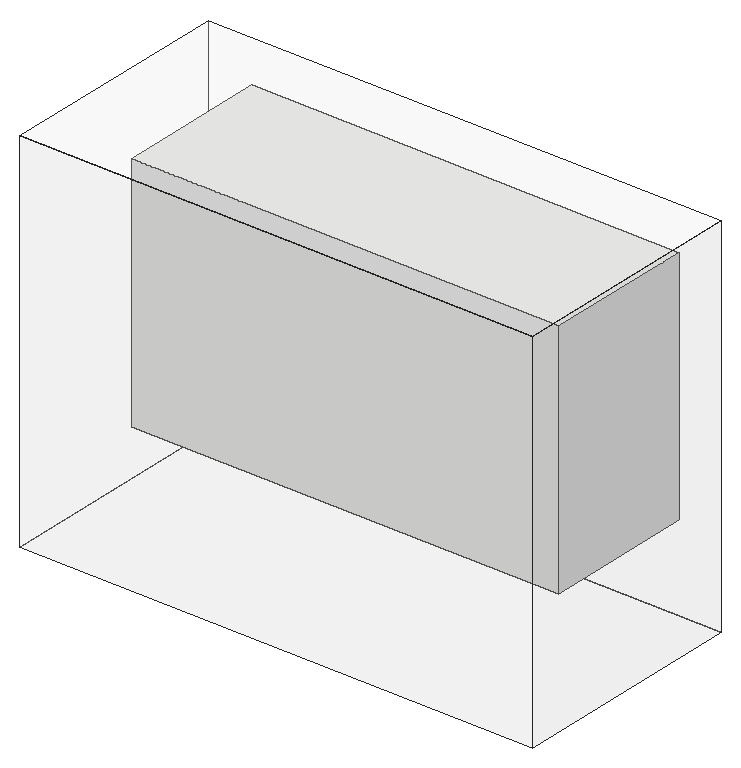
Revit family "wd-240dk2(-rc)_50Hz", category 機械設備, Revit 2019
Family settings
  丸型コネクタ寸法 = 直径を使用
  パーツ タイプ = 標準
  OmniClass 番号 = 23.75.35.17.27
  OmniClass タイトル = Centrifugal Fans
  作業面ベース = いいえ
  常に垂直 = はい
  ロード時にボイドで切り取り = いいえ
  共有 = いいえ
  部屋計算ポイント = いいえ
Parameters (values of type "WD-240DK2")
  騒音レベル(dB(A)) [instance] = 48
  風量 [instance] = 200.0 m³/h
  電源種別 [instance] = ""
  電圧 = 200 V
  電動機出力 = 0 W
  電動機_種別 [instance] = ""
  運転質量 = 0.00 kg
  連動 [instance] = ""
  質量 = if(製品質量 > 運転質量, 製品質量, 運転質量) * 1.2  # 8.88 kg
  負荷分類 = 3_ファン類
  説明 = "バス乾燥・暖房・換気システム 脱衣室暖房機"
  設計風量 [instance] = 0.0 m³/h
  設置方法 = "壁付"
  記号 [instance] = ""
  製造元 = "三菱電機株式会社"
  製品質量 = 7.40 kg
  製品出荷対象 = "国内"
  製品リリース年月 = "2022年6月1日"
  製品グループ = ""
  系統 [instance] = ""
  符号 [instance] = if(☑給気／□排気, "FS", "FE")  # "FS"
  積算_科目 = "2 換気設備"
  積算_拾い区分 [instance] = ""
  相 = 1
  盤記号 [instance] = ""
  発停方法 [instance] = ""
  特殊仕様 [instance] = ""
  メンテナンススペース = yes
  火災停止 [instance] = ""
  消費電力 = 2310 W
  法定耐用年数 = "10"
  機外静圧 [instance] = 0.0 Pa
  極数 = 3
  材質 [instance] = ""
  操作・制御方式 = ""
  操作・制御スイッチ = ""
  排気量 [instance] = if(☑給気／□排気, 0.0 m³/h, 設計風量)  # 0.0 m³/h
  形式 = ""
  幹線記号 [instance] = ""
  対象室 [instance] = ""
  実風量 [instance] = 0.0 m³/h
  始動方式 [instance] = "直入"
  外気量 [instance] = if(☑給気／□排気, 設計風量, 0.0 m³/h)  # 0.0 m³/h
  呼称 = ""
  周波数 = 50 Hz
  参照している仕様書等のバージョン = ""
  分類コード = "50052503100080"
  分類グループ = ""
  価格 = 132600
  企業コード = "108420"
  付属品_防振装置 = ""
  付属品 [instance] = ""
  仕様書バージョン = "Version1.0"
  モデル = "WD-240DK2"
  マテリアル = 合成樹脂(白)
  ファンの種類 = ""
  コメント [instance] = ""
  Keynote = ""
  ☑給気／□排気 [instance] = yes
  Width = 498 mm
  W1 = 122 mm
  Version = ""
  Uniclass2015Version = "Systems v1.9"
  Uniclass2015Title = "Centrifugal fans"
  Uniclass2015Code = "Pr_65_67_29_12"
  URL = "https://www.mitsubishielectric.co.jp/ldg/wink/ssl/displayProduct.do?pid=320862"
  SpecificationReference = ""
  SpecificationDescription = ""
  Revision = ""
  ProductInformation = ""
  OmniClassCode = "23-33 31 19 11 15"
  MIN風量 = 105.0 m³/h
  MIN静圧 = 0.0 Pa
  MID風量 = 200.0 m³/h
  MID静圧 = 0.0 Pa
  MAX風量 = 200.0 m³/h
  MAX静圧 = 0.0 Pa
  IfcTypeProduct = ""
  IfcProduct = ""
  IfcExportType = "PROPELLORAXIAL"
  IfcExportAs = "IfcFanType"
  Height = 280 mm
  H1 = 106 mm
  Depth = 175 mm
  D1 = 135 mm
  Clearance Top = 50 mm
  Clearance Right = 50 mm
  Clearance Left = 50 mm
  Clearance Front = 100 mm
  Clearance Bottom = 100 mm
  Clearance Back = 0 mm
  Author = "三菱電機株式会社"
Types (2, lengths in mm): name | 価格 | モデル | URL
  WD-240DK2 | 132600 | "WD-240DK2" | "https://www.mitsubishielectric.co.jp/ldg/wink/ssl/displayProduct.do?pid=320862"
  WD-240DK2-RC | 164900 | "WD-240DK2-RC" | "https://www.mitsubishielectric.co.jp/ldg/wink/ssl/displayProduct.do?pid=320863"
Reference planes
  plane 1 "中心(正面/背面)": y = 0
  plane 2: z = 0
  plane 3 "中心(左/右)": x = 0
  plane 4: x = 299
  plane 5: y = 0
  plane 6: y = -275
  plane 7: x = -249
  plane 8: x = 249
  plane 9: y = -175
  plane 10: z = 190
  plane 11: z = -140
  plane 12: x = -299
  plane 13: z = -240
  plane 14: y = -87.5
  plane 15: z = 140
Forms (mm)
  Extrusion 1, solid, material "合成樹脂(白)" <- "マテリアル", detail levels fine
    sketch origin (0, 0, 0) x (1, 0, 0) y (0, 1, 0)
      loop
        line (-249, 0) -> (-249, -175) -> (249, -175) -> (249, 0) -> (-249, 0)
    from -140 to 140
Dimensions and locks
  equal spacing: plane 7, plane 3 "中心(左/右)", plane 8
  "Width": plane 7 to plane 8
  "Clearance Left": plane 12 to plane 7
  "Depth": plane 1 "中心(正面/背面)" to plane 9
  "Clearance Front": plane 9 to plane 6
  "Clearance Back": plane 5 to plane 1 "中心(正面/背面)"
  "Clearance Right": plane 8 to plane 4
  "Clearance Bottom": plane 11 to plane 13
  equal spacing: plane 1 "中心(正面/背面)", plane 14, plane 9
  "Height": plane 15 to plane 11
  "Clearance Top": plane 10 to plane 15
  equal spacing: plane 15, level, plane 11
  aligned and locked: level to plane 2
  aligned and locked: plane 8 to Extrusion 1
  aligned and locked: Extrusion 1 to plane 9
  aligned and locked: Extrusion 1 to plane 7
  aligned and locked: Extrusion 1 to plane 11
  aligned and locked: Extrusion 1 to plane 1 "中心(正面/背面)"
  aligned and locked: plane 3 "中心(左/右)" to nested 1
  aligned and locked: nested 1 to plane 14
  aligned and locked: plane 15 to Extrusion 1
  aligned and locked: nested 2 to plane 6
  aligned and locked: nested 2 to plane 5
  aligned and locked: plane 12 to nested 2
  aligned and locked: plane 4 to nested 2
  aligned and locked: plane 13 to nested 2
  aligned and locked: plane 10 to nested 2
Automatic sketch dimensions
  Extrusion 1 sketch curve to plane 3 "中心(左/右)" = 249 mm
  plane 3 "中心(左/右)" to Extrusion 1 sketch curve = 249 mm
  plane 1 "中心(正面/背面)" to Extrusion 1 sketch curve = 175 mm
  Extrusion 1 sketch curve to plane 1 "中心(正面/背面)" = 0 mm
Nested families
  nested 1: "記号_天井換気扇_平面" at (0, -87.5, 0), type "記号_天井換気扇_平面", detail levels coarse+medium
  nested 2: "メンテナンススペース" at (0, -137.5, -25), visible <- "メンテナンススペース", type "メンテナンススペース"
    with Width 598 mm, Height 430 mm, Depth 275 mm
Connectors
  electrical at (0, 0, 0), driven by "極数", driven by "電圧", driven by "消費電力"
    settings: on Extrusion 1, index 1, voltage 200 V, apparent load 2310 VA, apparent load phase1 0 VA, apparent load phase2 0 VA, apparent load phase3 0 VA, power factor 1, load classification "その他", number of poles 3, system type 30, power factor state 1, is connector primary yes, connector utility no, sub classification motor no, connector description ""
Definition of nested family "メンテナンススペース"
  Parameters (values of type "メンテナンススペース")
    Width [instance] = 500 mm
    Height [instance] = 500 mm
    Depth [instance] = 500 mm
  Reference planes
    plane 1 "中心(正面/背面)": y = 0
    plane 2: z = 0
    plane 3 "中心(左/右)": x = 0
    plane 4: y = -250
    plane 5: x = 250
    plane 6: y = 250
    plane 7: x = -250
    plane 8: z = 250
    plane 9: z = -250
  Forms (mm)
    Extrusion 1, solid
      sketch origin (-638.939, 0, 72.39) x (1, 0, 0) y (0, 1, 0)
        loop
          line (388.939, 250) -> (388.939, -250) -> (888.939, -250) -> (888.939, 250) -> (388.939, 250)
      from -322.39 to 177.61
  Lines and regions (mm)
    symbolic lines
      curve 1: line (-250, 0, 250) -> (250, 0, 250)
      curve 2: line (-250, 0, -250) -> (-250, 0, 250)
      curve 3: line (250, 0, -250) -> (-250, 0, -250)
      curve 4: line (250, 0, 250) -> (250, 0, -250)
      curve 5: line (0, -250, 250) -> (0, 250, 250)
      curve 6: line (0, -250, -250) -> (0, -250, 250)
      curve 7: line (0, 250, -250) -> (0, -250, -250)
      curve 8: line (0, 250, 250) -> (0, 250, -250)
      curve 9: line (-250, 250, 0) -> (250, 250, 0)
      curve 10: line (-250, -250, 0) -> (-250, 250, 0)
      curve 11: line (250, -250, 0) -> (-250, -250, 0)
      curve 12: line (250, 250, 0) -> (250, -250, 0)
  Dimensions and locks
    equal spacing: plane 7, plane 3 "中心(左/右)", plane 5
    equal spacing: plane 4, plane 1 "中心(正面/背面)", plane 6
    "Depth": plane 4 to plane 6
    "Width": plane 7 to plane 5
    equal spacing: plane 8, plane 2, plane 9
    "Height": plane 8 to plane 9
    aligned and locked: plane 9 to curve 3
    aligned and locked: plane 7 to curve 2
    aligned and locked: curve 4 to plane 5
    aligned and locked: plane 5 to Extrusion 1
    aligned and locked: Extrusion 1 to plane 7
    aligned and locked: Extrusion 1 to plane 9
    aligned and locked: plane 8 to Extrusion 1
    aligned and locked: plane 9 to curve 7
  Automatic sketch dimensions
    plane 4 to Extrusion 1 sketch curve = 0 mm
    Extrusion 1 sketch curve to plane 7 = 0 mm
    Extrusion 1 sketch curve to plane 5 = 0 mm
    plane 6 to Extrusion 1 sketch curve = 0 mm
    curve 2 to plane 8 = 0 mm
    plane 4 to curve 11 = 0 mm
    curve 11 to plane 7 = 0 mm
    curve 11 to plane 5 = 0 mm
    plane 6 to curve 10 = 0 mm
    curve 7 to plane 4 = 0 mm
    curve 7 to plane 6 = 0 mm
    curve 6 to plane 8 = 0 mm
Definition of nested family "記号_天井換気扇_平面"
  Reference planes
    plane 1: y = 0
    plane 2: x = 0
  Lines and regions (mm)
    detail lines
      curve 1: line (-2.5, 2.5, 0) -> (2.5, 2.5, 0)
      curve 2: line (-2.5, -2.5, 0) -> (-2.5, 2.5, 0)
      curve 3: line (2.5, -2.5, 0) -> (-2.5, -2.5, 0)
      curve 4: line (2.5, 2.5, 0) -> (2.5, -2.5, 0)
      curve 5: circle (-1.04, -1.04, 0) r 1.46 normal (0, 0, 1)
      curve 6: circle (1.04, 1.04, 0) r 1.46 normal (0, 0, 1)
      curve 7: line (-3.125, 3.125, 0) -> (3.125, 3.125, 0)
      curve 8: line (-3.125, -3.125, 0) -> (-3.125, 3.125, 0)
      curve 9: line (3.125, -3.125, 0) -> (-3.125, -3.125, 0)
      curve 10: line (3.125, 3.125, 0) -> (3.125, -3.125, 0)
      curve 11: circle (1.295, 1.295, 0) r 1.83 normal (0, 0, 1)
      curve 12: circle (-1.295, -1.295, 0) r 1.83 normal (0, 0, 1)
      curve 13: line (-2, 2, 0) -> (2, 2, 0)
      curve 14: line (-2, -2, 0) -> (-2, 2, 0)
      curve 15: line (2, -2, 0) -> (-2, -2, 0)
      curve 16: line (2, 2, 0) -> (2, -2, 0)
      curve 17: circle (0.84, 0.84, 0) r 1.16 normal (0, 0, 1)
      curve 18: circle (-0.84, -0.84, 0) r 1.2 normal (0, 0, 1)
